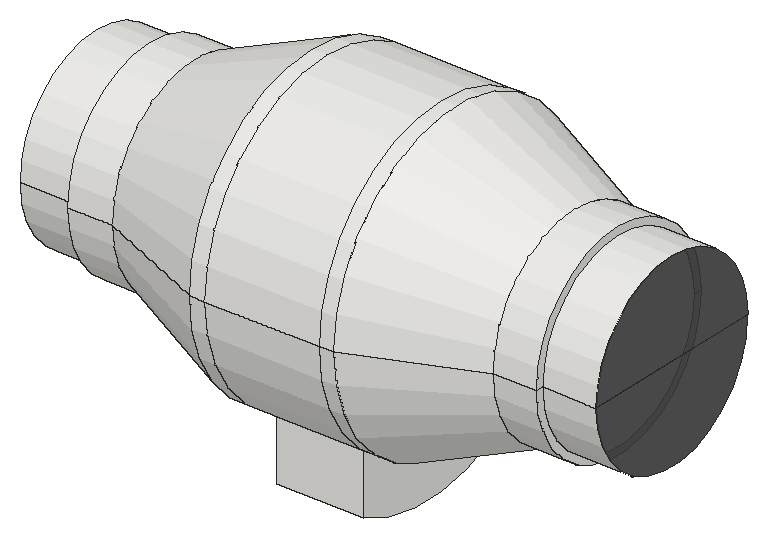
Revit family "HARMANN-Wentylator-Harmann-ML-EC-R_Wywiewny", category Wyposażenie mechaniczne, Revit 2022
Family settings
  Wymiar okrągłego złącza = Użyj średnicy
  Typ części = Dzieli na
  Oparty na płaszczyźnie roboczej = Nie
  Zawsze pionowo = Tak
  Tnij formami wycięć po wczytaniu = Nie
  Zachowaj orientację opisów = Nie
  Współdzielony = Nie
  Punkt obliczania pomieszczeń = Nie
Parameters (values of type "ML EC.R 100/280")
  wz_a0 = 88.5 mm
  wz [instance] = wz_a0  # 88.5 mm
  wy_a0 = 53.9 mm
  wy [instance] = wy_a0  # 53.9 mm
  wx_a0 = 0.0 mm
  wx [instance] = wx_a0  # 0.0 mm
  s1 = dn  # 100.0 mm
  n1_γ1 [instance] = Określ Kąt Obrotu Korpusu Wentylatora - rounddown(Określ Kąt Obrotu Korpusu Wentylatora / 360.00°) * 360.00°  # 0.00°
  l2_a0 = 119.0 mm
  l2 [instance] = l2_a0  # 119.0 mm
  l1_a0 = 119.0 mm
  l1 [instance] = l1_a0  # 119.0 mm
  dn = 100.0 mm
  Zasilanie Współczynnik Mocy = 0.35
  Zasilanie Rodzaj Sterowania = "Sterowanie napięciem 0-10V. Wbudowany potencjometr."
  Zasilanie Natężenie = 0.25 A
  Zasilanie Napięcie Nominalne = 230 V
  Zasilanie Moc Pozorna = 57.5 VA
  Zasilanie Moc = 20 W
  Zasilanie Konfiguracja Uzwojeń = "n/d"
  Zasilanie Ilość Faz = 1
  Zasilanie Częstotliwość Nominalna = 50 Hz
  Uwaga Użytkownika [instance] = ""
  Uwaga Układ [instance] = ""
  Uwaga Oznaczenie [instance] = ""
  Uwaga Ostrzeżenie [instance] = ""
  Typoszereg Symbol [instance] = "ML EC.R"  # constant formula
  Typoszereg Nazwa [instance] = "Wentylator Kanałowy ML EC.R"  # constant formula
  Systematyka Rodzaj = "Wentylator Kanałowy"  # constant formula
  Systematyka Klasa = "Wentylator"  # constant formula
  Systematyka Dziedzina = "Instalacje Wentylacyjne"  # constant formula
  Systematyka Branża = "Instalacje Sanitarne"  # constant formula
  Punkt Pracy Wentylatora Warunki Nominalne [instance] = "Parametry mechaniczne określone z uwzględnieniem dedykowanej regulacji"  # constant formula
  Prt Komponent N2 = GE-Komponent-ParaForma-Harmann-ML-N2a : 100/280
  Prt Komponent N1 = GE-Komponent-ParaForma-Harmann-ML-N1a : ML EC.R 100/280
  Producent URL = ""
  Producent Nazwa = "Harmann Polska Sp. z o.o."  # constant formula
  Powietrze Wywiewane Temperatura Rzeczywista Wylot [instance] = Podaj Rzeczywistą Temperaturę Powietrza  # -273.15 °C
  Powietrze Wywiewane Temperatura Rzeczywista Wlot [instance] = Podaj Rzeczywistą Temperaturę Powietrza  # -273.15 °C
  Powietrze Wywiewane Temperatura Maksymalna = 50.0 °C
  Powietrze Wywiewane Przepływ Rzeczywisty Wylot [instance] = Powietrze Wywiewane Przepływ Rzeczywisty Wlot  # 0 m³/h
  Powietrze Wywiewane Przepływ Rzeczywisty Wlot [instance] = 0 m³/h
  Powietrze Wywiewane Przepływ Nominalny = 150 m³/h
  Powietrze Wywiewane Przepływ Maksymalny = 280 m³/h
  Powietrze Wywiewane Poziom Mocy Akustycznej Rzeczywisty Wylot [instance] = Podaj Rzeczywisty Poziom Mocy Akustycznej na Wylocie  # 0
  Powietrze Wywiewane Poziom Mocy Akustycznej Rzeczywisty Wlot [instance] = Podaj Rzeczywisty Poziom Mocy Akustycznej na Wlocie  # 0
  Powietrze Wywiewane Poziom Mocy Akustycznej Nominalny Wylot = 53
  Powietrze Wywiewane Poziom Mocy Akustycznej Nominalny Wlot = 52
  Powietrze Wywiewane Ciśnienie Statyczne Rzeczywiste [instance] = 0.0 Pa
  Powietrze Wywiewane Ciśnienie Statyczne Nominalne = 60.0 Pa
  Powietrze Wywiewane Ciśnienie Statyczne Maksymalne = 160.0 Pa
  Podaj Rzeczywistą Temperaturę Powietrza [instance] = -273.15 °C
  Podaj Rzeczywistą Temperaturę Otoczenia [instance] = -273.15 °C
  Podaj Rzeczywisty Spręż Wentylatora [instance] = 0.0 Pa
  Podaj Rzeczywisty Poziom Mocy Akustycznej od Obudowy [instance] = 0
  Podaj Rzeczywisty Poziom Mocy Akustycznej na Wylocie [instance] = 0
  Podaj Rzeczywisty Poziom Mocy Akustycznej na Wlocie [instance] = 0
  Podaj Rzeczywiste Opory Instalacji [instance] = 0.0 Pa
  Otoczenie Temperatura Rzeczywista [instance] = Podaj Rzeczywistą Temperaturę Otoczenia  # -273.15 °C
  Otoczenie Temperatura Minimalna = -20.0 °C
  Otoczenie Temperatura Maksymalna = 50.0 °C
  Otoczenie Poziom Mocy Akustycznej Rzeczywisty Obudowa [instance] = Podaj Rzeczywisty Poziom Mocy Akustycznej od Obudowy  # 0
  Otoczenie Poziom Mocy Akustycznej Nominalny Obudowa = 42
  Otoczenie Poziom Ciśnienia Akustycznego Nominalny z 03 m = 35
  Otoczenie Poziom Ciśnienia Akustycznego Nominalny z 01 m = 38
  Keynote = "ML EC.R 100/280"
  Opis = "Kanałowy wentylator  EC z wbudowanym potencjometrem"
  Określ Kąt Obrotu Korpusu Wentylatora [instance] = 0.00°
  Object Version = "1.00"  # constant formula
  Object URL = ""
  Object Revit = "2017"  # constant formula
  Object Language = "PL"  # constant formula
  Object ID = "F000054RFAPL"  # constant formula
  Object Destination = "PL"  # constant formula
  Object Date = "2018.11.30"  # constant formula
  Model = "ML EC.R 100/280"
  Masa Netto = 2.0 kg
  Producent = "Harmann Polska Sp. z o.o."  # constant formula
  Kod Zamówienia = "ML EC.R 100/280"
  Kod Typoszereg = "ML EC.R"  # constant formula
  Kod Producent = "Harmann"  # constant formula
  Kod Numer Katalogowy = "01002801"
  IfcExportType = "NOTDEFINED"  # constant formula
  IfcExportAs = "IfcFanType"  # constant formula
  Domyślna rzędna = 0.0 mm
  Copyright URL = ""
  Copyright = "© Harmann Polska Sp. z o.o.  Wszelkie prawa zastrzeżone."
  Autor URL = ""
  Autor Nazwa = ""
Types (6, lengths in mm): name | wz_a0 | wz | s1 | l2_a0 | l2 | l1_a0 | l1 | dn | Zasilanie Współczynnik Mocy | Zasilanie Rodzaj Sterowania | Zasilanie Natężenie | Zasilanie Moc Pozorna | Zasilanie Moc | Prt Komponent N2 | Prt Komponent N1 | Powietrze Wywiewane Przepływ Nominalny | Powietrze Wywiewane Przepływ Maksymalny | Powietrze Wywiewane Poziom Mocy Akustycznej Nominalny Wylot | Powietrze Wywiewane Poziom Mocy Akustycznej Nominalny Wlot | Powietrze Wywiewane Ciśnienie Statyczne Nominalne | Powietrze Wywiewane Ciśnienie Statyczne Maksymalne | Otoczenie Poziom Mocy Akustycznej Nominalny Obudowa | Otoczenie Poziom Ciśnienia Akustycznego Nominalny z 03 m | Otoczenie Poziom Ciśnienia Akustycznego Nominalny z 01 m | Keynote | Model | Masa Netto | Kod Zamówienia | Kod Numer Katalogowy | Copyright
  ML EC.R 100/280 | 88.5 | 88.5 | 100.0 | 119.0 | 119.0 | 119.0 | 119.0 | 100.0 | 0.35 | "Sterowanie napięciem 0-10V. Wbudowany potencjometr." | 0.25 A | 57.5 VA | 20 W | GE-Komponent-ParaForma-Harmann-ML-N2a : 100/280 | GE-Komponent-ParaForma-Harmann-ML-N1a : ML EC.R 100/280 | 150 m³/h | 280 m³/h | 53 | 52 | 60.0 Pa | 160.0 Pa | 42 | 35 | 38 | "ML EC.R 100/280" | "ML EC.R 100/280" | 2.0 kg | "ML EC.R 100/280" | "01002801" | "© Harmann Polska Sp. z o.o.  Wszelkie prawa zastrzeżone."
  ML EC.R 125/300 | 88.5 | 88.5 | 125.0 | 99.5 | 99.5 | 99.5 | 99.5 | 125.0 | 0.21 | "Sterowanie napięciem 0-10V. Wbudowany potencjometr." | 0.27 A | 61 VA | 18 W | GE-Komponent-ParaForma-Harmann-ML-N2a : 125/300 | GE-Komponent-ParaForma-Harmann-ML-N1a : ML EC.R 125/300 | 200 m³/h | 300 m³/h | 55 | 55 | 50.0 Pa | 140.0 Pa | 41 | 34 | 37 | "ML EC.R 125/300" | "ML EC.R 125/300" | 1.8 kg | "ML EC.R 125/300" | "01253001" | "© Harmann Polska Sp. z o.o.  Wszelkie prawa zastrzeżone."
  ML EC.R 150-160/530 | 99.5 | 99.5 | 160.0 | 145.0 | 145.0 | 145.0 | 145.0 | 160.0 | 0.62 | "Sterowanie napięciem 0-10V. Wbudowanz potencjometr" | 0.35 A | 80 VA | 50 W | GE-Komponent-ParaForma-Harmann-ML-N2a : 150-160/530 | GE-Komponent-ParaForma-Harmann-ML-N1a : ML EC.R 150-160/530 | 350 m³/h | 530 m³/h | 58 | 55 | 80.0 Pa | 350.0 Pa | 43 | 36 | 439 | "ML EC.R 150-160/550" | "ML EC.R 150-160/550" | 2.7 kg | "ML EC.R 150-160/550" | "01505301" | "© Harmann Polska Sp. z o.o. Wszelkie prawa zastrzeżone."
  ML EC.R 200/1150 | 111.0 | 111.0 | 200.0 | 120.0 | 120.0 | 120.0 | 120.0 | 200.0 | 0.68 | "Sterowanie napięciem 0-10V. Wbudowany potencjometr." | 1.05 A | 241 VA | 165 W | GE-Komponent-ParaForma-Harmann-ML-N2a : 200/1150 | GE-Komponent-ParaForma-Harmann-ML-N1a : ML EC.R 200/1150 | 700 m³/h | 1100 m³/h | 62 | 60 | 100.0 Pa | 450.0 Pa | 48 | 41 | 44 | "ML EC.R 200/950" | "ML EC.R 200/950" | 4.3 kg | "ML EC.R 200/950" | "02001151" | "© Harmann Polska Sp. z o.o. Wszelkie prawa zastrzeżone."
  ML EC.R 250/1650 | 111.0 | 111.0 | 250.0 | 159.5 | 159.5 | 159.5 | 159.5 | 250.0 | 0.42 | "Sterowanie napięciem 0-10V. Wbudowany potencjometr." | 2.7 A | 614 VA | 255 W | GE-Komponent-ParaForma-Harmann-ML-N2a : 250/1650 | GE-Komponent-ParaForma-Harmann-ML-N1a : ML EC.R 250/1650 | 900 m³/h | 1600 m³/h | 60 | 59 | 120.0 Pa | 600.0 Pa | 51 | 44 | 47 | "ML EC.R 250/1650" | "ML EC.R 250/1650" | 6.5 kg | "ML EC.R 250/1650" | "02501651" | "© Harmann Polska Sp. z o.o.  Wszelkie prawa zastrzeżone."
  ML EC.R 315/2100 | 157.5 | 157.5 | 315.0 | 177.0 | 177.0 | 177.0 | 177.0 | 315.0 | 0.41 | "Sterowanie napięciem 0-10V. Wbudowany potencjometr." | 2.7 A | 621 VA | 254 W | GE-Komponent-ParaForma-Harmann-ML-N2a : 315/2100 | GE-Komponent-ParaForma-Harmann-ML-N1a : ML EC.R 315/2100 | 1000 m³/h | 2100 m³/h | 64 | 61 | 150.0 Pa | 700.0 Pa | 54 | 47 | 50 | "ML EC.R 315/2100" | "ML EC.R 315/2100" | 8.5 kg | "ML EC.R 315/2100" | "03152101" | "© Harmann Polska Sp. z o.o. Wszelkie prawa zastrzeżone."
Reference planes
  plane 1 "XZC00": y = 0
  plane 2 "XYC00": z = 0
  plane 3 "YZC00": x = 0
  plane 4 "YZN99": x = -1000
  plane 5 "XZN99": y = -1000
  plane 6 "XYP99": z = 1000
  plane 7 "XYN99": z = -1000
  plane 8 "YZP99": x = 1000
  plane 9 "XZP99": y = 1000
  plane 10 "XZP01": y = 0
  plane 11 "YZP01": x = 0
  plane 12 "XYP01": z = 0
  plane 13 "YZP41": x = 0
Lines and regions (mm)
  reference lines
    curve 1: line (0, -100, 0) -> (0, 0, 0)
    curve 2: line (0, 0, 0) -> (0, 0, -100)
    curve 3: line (-119, 0, 0) -> (0, 0, 0)
    curve 4: line (0, 0, 0) -> (119, 0, 0)
    curve 5: line (0, 0, -88.5) -> (0, 0, 0)
    curve 6: line (0, 0, -88.5) -> (0, 53.9, -88.5)
Dimensions and locks
  locked: curve 1 to curve 1 at 100
  locked: curve 2 to curve 2 at 100
  "l1": curve 3 to plane 11 "YZP01"
  "l2": plane 11 "YZP01" to curve 4
  "wz": curve 5 to curve 5
  "wy": curve 5 to curve 6
  "wx": plane 11 "YZP01" to plane 13 "YZP41"
  "n1_γ1": angle curve 1 to plane 12 "XYP01"
  "n1_γ1": angle nested 1 to plane 12 "XYP01"
  "n1_γ1": angle curve 2 to plane 10 "XZP01"
  "n1_γ1": angle curve 5 to plane 10 "XZP01"
  "n1_γ1": angle curve 6 to plane 12 "XYP01"
  aligned and locked: level to plane 2 "XYC00"
  aligned and locked: nested 1 to curve 1
  aligned and locked: plane 12 "XYP01" to curve 2
  aligned and locked: plane 10 "XZP01" to curve 2
  aligned and locked: nested 1 to curve 2
  aligned and locked: plane 3 "YZC00" to plane 11 "YZP01"
  aligned and locked: plane 10 "XZP01" to plane 1 "XZC00"
  aligned and locked: plane 12 "XYP01" to plane 2 "XYC00"
  aligned and locked: curve 3 to plane 10 "XZP01"
  aligned and locked: plane 11 "YZP01" to curve 4
  aligned and locked: curve 4 to plane 10 "XZP01"
  aligned and locked: plane 12 "XYP01" to curve 5
  aligned and locked: plane 10 "XZP01" to curve 5
  aligned and locked: plane 12 "XYP01" to nested 2
  aligned and locked: plane 10 "XZP01" to nested 2
  aligned and locked: plane 11 "YZP01" to nested 2
Nested families
  nested 1: "GE-Komponent-ParaForma-Harmann-ML-N1a" at (0, 0, 0), type <- "Prt Komponent N1", type "ML EC.R 100/280"
    with p3_w1 42.0 mm, p3_r2 89.0 mm, p3_h2 100.0 mm, p1_w5 100.0 mm, p1_w3 123.0 mm, p1_w1 151.2 mm, p1_h7 80.5 mm, p1_h6 80.5 mm, p1_h4 53.9 mm, p1_h2 50.0 mm
  nested 2: "GE-Symbol-ParaForma-Harmann-Wentylator-Kanałowy" at (0, 0, 0), l1 <- "l1", l2 <- "l2", s <- "s1", type "Harmann"
    with s100 100.0 mm, s075 75.0 mm, s050 50.0 mm, s025 25.0 mm, s000 75.0 mm, s 100.0 mm, l2_a1 119.0 mm, l2_a0 50.0 mm, l2 119.0 mm, l1_a1 119.0 mm, l1_a0 50.0 mm, l1 119.0 mm, Vis YP yes, Vis XP no, Vis XN no, Podłączenie Indeks 1
Connectors
  hvac at (-119, 0, 0), driven by "Powietrze Wywiewane Przepływ Rzeczywisty Wlot", driven by "dn"
    settings: on curve 3, index 1, duct flow 0 m³/h, flow factor 0, pres drop 0.0 Pa, loss coef 0, conn angle 0.00°, conn width 250 mm, conn height 250 mm, conn diameter 100 mm, duct sys type 29, conn prof type 0, flow config 0, flow direction 1, loss method 0, conn ref index -1, conn util no, is conn primary yes, conn desc ""
  hvac at (119, 0, 0), driven by "Powietrze Wywiewane Przepływ Rzeczywisty Wylot", driven by "dn"
    settings: on curve 4, index 2, duct flow 0 m³/h, flow factor 0, pres drop 0.0 Pa, loss coef 0, conn angle 0.00°, conn width 250 mm, conn height 250 mm, conn diameter 100 mm, duct sys type 29, conn prof type 0, flow config 1, flow direction 2, loss method 0, conn ref index -1, conn util no, is conn primary no, conn desc ""
  electrical at (0, 53.9, -88.5), driven by "Zasilanie Napięcie Nominalne", driven by "Zasilanie Moc Pozorna", driven by "Zasilanie Współczynnik Mocy", driven by "Zasilanie Ilość Faz"
    settings: on curve 6, index 3, voltage 230 V, apparent load 57.5 VA, apparent load phase1 0 VA, apparent load phase2 0 VA, apparent load phase3 0 VA, power factor 0.35, load classification "HVAC", number of poles 1, system type 30, power factor state 1, is connector primary yes, connector utility no, sub classification motor no, connector description ""
Definition of nested family "GE-Komponent-ParaForma-Harmann-ML-N1a"
  Parameters (values of type "160/550")
    p3_w1 = 55.0 mm
    p3_r2 = 100.0 mm
    p3_l2 = 22.9 mm
    p3_h2 = 121.5 mm
    p1_w7 = 30.3 mm
    p1_w6 = 37.9 mm
    p1_w5 = 123.0 mm
    p1_w3 = 133.3 mm
    p1_w1 = 175.0 mm
    p1_h7 = 100.0 mm
    p1_h6 = 94.6 mm
    p1_h4 = 83.9 mm
    p1_h2 = 80.0 mm
    Vis Komponent = yes
    Producent URL = "http://www.paraforma.pl/M0003PL"
    Producent Nazwa = "Harmann Polska Sp. z o.o."  # constant formula
    Object Version = "1.00"  # constant formula
    Object Revit = "2017"  # constant formula
    Object Language = "PL"  # constant formula
    Object Destination = "PL"  # constant formula
    Object Date = "2018.11.30"  # constant formula
    Manufacturer = "Harmann Polska Sp. z o.o."  # constant formula
    Default Elevation = 0.0 mm
    Copyright URL = "http://www.paraforma.pl/copyright"
    Copyright = "© Harmann Polska Sp. z o.o. & ParaForma Bartosz Pawłowski. Wszelkie prawa zastrzeżone."  # constant formula
    Autor URL = "http://www.paraforma.pl/"
    Autor Nazwa = "ParaForma Bartosz Pawłowski"  # constant formula
  Types (8, lengths in mm): name | p3_r2 | p3_h2 | p1_w5 | p1_w3 | p1_w1 | p1_h7 | p1_h6 | p1_h4 | p1_h2
    100/300 | 89.0 | 105.0 | 97.0 | 107.3 | 149.0 | 89.0 | 83.6 | 53.9 | 50.0
    100/300T | 89.0 | 105.0 | 97.0 | 107.3 | 149.0 | 89.0 | 83.6 | 53.9 | 50.0
    125/350 | 89.0 | 105.0 | 77.5 | 87.8 | 129.5 | 89.0 | 83.9 | 66.4 | 62.5
    150/550 | 100.0 | 121.5 | 123.0 | 133.3 | 175.0 | 100.0 | 94.9 | 78.9 | 75.0
    150/550T | 100.0 | 121.5 | 123.0 | 133.3 | 175.0 | 100.0 | 94.9 | 78.9 | 75.0
    160/550 | 100.0 | 121.5 | 123.0 | 133.3 | 175.0 | 100.0 | 94.6 | 83.9 | 80.0
    160/550T | 100.0 | 121.5 | 123.0 | 133.3 | 175.0 | 100.0 | 94.6 | 83.9 | 80.0
    200/950 | 111.5 | 131.5 | 98.0 | 108.3 | 150.0 | 111.5 | 106.1 | 103.9 | 100.0
  Reference planes
    plane 1 "XZC00": y = 0
    plane 2 "XYC00": z = 0
    plane 3 "YZC00": x = 0
    plane 4 "YZN99": x = -1000
    plane 5 "XZN99": y = -1000
    plane 6 "XYP99": z = 1000
    plane 7 "XYN99": z = -1000
    plane 8 "YZP99": x = 1000
    plane 9 "XZP99": y = 1000
    plane 10 "XZC01": y = 0
    plane 11 "YZC01": x = 0
    plane 12 "XYC01": z = 0
    plane 13 "XZC02": y = 0
    plane 14 "YZC02": x = 0
    plane 15 "XYC02": z = 0
  Forms (mm)
    Revolve 1, solid, detail levels fine
      sketch origin (0, 0, 0) x (1, 0, 0) y (0, 1, 0)
        loop
          line (-175, 0) -> (175, 0) -> (175, 80) -> (133.3, 80) -> (133.3, 83.9) -> (123, 83.9) -> (37.9, 94.6) -> (30.3, 100) -> (-30.3, 100) -> (-37.9, 94.6) -> (-123, 83.9) -> (-133.3, 83.9) -> (-133.3, 80) -> (-175, 80) -> (-175, 0)
        axis (-175, 0) -> (175, 0)
      angle from 0 to 360
    Sweep 2, solid, detail levels fine
      path origin (0, 0, 0) x (1, 0, 0) y (0, 1, 0)
        loop
          line (-22.9, 0) -> (22.9, 0)
      profile origin (0, 0, 0) x (0, 1, 0) y (0, 0, 1)
        loop
          line (55, 0) -> (-55, 0) -> (-55, -121.5)
          arc (-55, -121.5) -> (0, -137.984) -> (55, -121.5) r 100
          line (55, -121.5) -> (55, 0)
    Revolve 3, solid, detail levels medium
      sketch origin (3000, 0, 0) x (1, 0, 0) y (0, 1, 0)
        loop
          line (-3175, 0) -> (-2825, 0) -> (-2825, 80) -> (-2866.7, 80) -> (-2866.7, 83.9) -> (-2969.7, 100) -> (-3030.3, 100) -> (-3133.3, 83.9) -> (-3133.3, 80) -> (-3175, 80) -> (-3175, 0)
        axis (-3175, 0) -> (-2825, 0)
      angle from 0 to 360
  Cuts and joins
    joined: Revolve 1, Sweep 2
  Dimensions and locks
    "p1_w1": Revolve 1 sketch curve to plane 11 "YZC01"  (x2)
    "p1_w1": plane 11 "YZC01" to Revolve 1 sketch curve  (x2)
    "p1_w7": Revolve 1 sketch curve to plane 11 "YZC01"
    "p1_w7": plane 11 "YZC01" to Revolve 1 sketch curve
    "p1_w3": Revolve 1 sketch curve to plane 11 "YZC01"
    "p1_w3": plane 11 "YZC01" to Revolve 1 sketch curve
    "p1_h7": Revolve 1 sketch curve to plane 10 "XZC01"
    "p1_h2": plane 10 "XZC01" to Revolve 1 sketch curve  (x2)
    "p1_h4": plane 10 "XZC01" to Revolve 1 sketch curve  (x2)
    "p1_w5": Revolve 1 sketch curve to plane 11 "YZC01"
    "p1_w5": plane 11 "YZC01" to Revolve 1 sketch curve
    "p1_h6": Revolve 1 sketch curve to plane 10 "XZC01"  (x2)
    "p1_w6": Revolve 1 sketch curve to plane 11 "YZC01"
    "p1_w6": plane 11 "YZC01" to Revolve 1 sketch curve
    "p3_l2": Sweep 2 sketch curve to plane 11 "YZC01"
    "p3_l2": plane 11 "YZC01" to Sweep 2 sketch curve
    "p3_w1": Sweep 2 sketch curve to profile plane
    "p3_w1": profile plane to Sweep 2 sketch curve
    "p3_h2": profile plane to Sweep 2 sketch curve  (x2)
    "p1_w1": Revolve 3 sketch curve to plane 14 "YZC02"  (x2)
    "p1_w1": plane 14 "YZC02" to Revolve 3 sketch curve  (x2)
    "p1_w7": Revolve 3 sketch curve to plane 14 "YZC02"
    "p1_w7": plane 14 "YZC02" to Revolve 3 sketch curve
    "p1_w3": Revolve 3 sketch curve to plane 14 "YZC02"
    "p1_w3": plane 14 "YZC02" to Revolve 3 sketch curve
    "p1_h7": Revolve 3 sketch curve to plane 13 "XZC02"
    "p1_h2": plane 13 "XZC02" to Revolve 3 sketch curve  (x2)
    "p3_r2": radius of Sweep 2 sketch curve
    aligned and locked: level to plane 2 "XYC00"
    aligned and locked: Revolve 1 sketch curve to plane 10 "XZC01"  (x2)
    aligned and locked: plane 2 "XYC00" to plane 12 "XYC01"
    aligned and locked: plane 3 "YZC00" to plane 11 "YZC01"
    aligned and locked: plane 10 "XZC01" to plane 1 "XZC00"
    aligned and locked: Sweep 2 sketch curve to plane 10 "XZC01"
    aligned and locked: profile plane to Sweep 2 sketch curve
    aligned and locked: Revolve 3 sketch curve to plane 13 "XZC02"  (x2)
    aligned and locked: plane 13 "XZC02" to plane 1 "XZC00"
    aligned and locked: plane 14 "YZC02" to plane 3 "YZC00"
  Automatic sketch dimensions
    Revolve 3 sketch curve to Revolve 3 sketch curve = 3.9 mm  (x2)
Definition of nested family "GE-Symbol-ParaForma-Harmann-Wentylator-Kanałowy"
  Parameters (values of type "Harmann")
    s100 [instance] = s * 1  # 100.0 mm
    s075 [instance] = s * 0.75  # 75.0 mm
    s050 [instance] = s * 0.5  # 50.0 mm
    s025 [instance] = s * 0.25  # 25.0 mm
    s000 [instance] = 75.0 mm
    s [instance] = 100.0 mm
    l2_a1 [instance] = if(l2 = s / 2, l2 + 1.0 mm, l2)  # 100.0 mm
    l2_a0 [instance] = s / 2  # 50.0 mm
    l2 [instance] = 100.0 mm
    l1_a1 [instance] = if(l1 = s / 2, l1 + 1.0 mm, l1)  # 100.0 mm
    l1_a0 [instance] = s / 2  # 50.0 mm
    l1 [instance] = 100.0 mm
    Vis YP [instance] = Podłączenie Indeks = 1  # yes
    Vis XP [instance] = Podłączenie Indeks = 2  # no
    Vis XN [instance] = Podłączenie Indeks = 3  # no
    Vis Komponent = yes
    Producent URL = "http://www.paraforma.pl/M0003PL"
    Producent Nazwa = "Harmann Polska Sp. z o.o."  # constant formula
    Podłączenie Indeks [instance] = 1
    Object Version = "1.00"  # constant formula
    Object Revit = "2017"  # constant formula
    Object Language = "PL"  # constant formula
    Object Destination = "PL"  # constant formula
    Object Date = "2018.11.30"  # constant formula
    Manufacturer = "Harmann Polska Sp. z o.o."  # constant formula
    Default Elevation = 0.0 mm
    Copyright URL = "http://www.paraforma.pl/copyright"
    Copyright = "© Harmann Polska Sp. z o.o. & ParaForma Bartosz Pawłowski. Wszelkie prawa zastrzeżone."  # constant formula
    Autor URL = "http://www.paraforma.pl/"
    Autor Nazwa = "ParaForma Bartosz Pawłowski"  # constant formula
  Reference planes
    plane 1 "XZC00": y = 0
    plane 2 "XYC00": z = 0
    plane 3 "YZC00": x = 0
    plane 4 "YZN99": x = -1000
    plane 5 "XZN99": y = -1000
    plane 6 "XYP99": z = 1000
    plane 7 "XYN99": z = -1000
    plane 8 "YZP99": x = 1000
    plane 9 "XZP99": y = 1000
    plane 10 "XZC01": y = 0
    plane 11 "YZC01": x = 0
    plane 12 "XYC01": z = 0
  Lines and regions (mm)
    model lines, visible <- "Vis YP", detail levels coarse
      curve 1: line (-25, -43.301, 0) -> (-25, 43.301, 0)
      curve 2: line (50, 0, 0) -> (-25, 43.301, 0)
      curve 3: line (50, 0, 0) -> (-25, -43.301, 0)
      curve 10: line (50, 0, 0) -> (100, 0, 0)
    model lines, visible <- "Vis XP", detail levels coarse
      curve 4: line (43.301, -25, 0) -> (-43.301, -25, 0)
      curve 5: line (0, 50, 0) -> (-43.301, -25, 0)
      curve 6: line (0, 50, 0) -> (43.301, -25, 0)
      curve 11: line (0, 50, 0) -> (0, 100, 0)
    model lines, visible <- "Vis XN", detail levels coarse
      curve 7: line (-43.301, 25, 0) -> (43.301, 25, 0)
      curve 8: line (0, -50, 0) -> (43.301, 25, 0)
      curve 9: line (0, -50, 0) -> (-43.301, 25, 0)
      curve 12: line (0, -50, 0) -> (0, -100, 0)
    model lines, detail levels coarse
      curve 13: line (-100, 0, 0) -> (-50, 0, 0)
      curve 14: circle (0, 0, 0) r 50 normal (0, 0, 1)
    symbolic lines, detail levels coarse
      curve 15: line (-25, 0, -43.301) -> (-25, 0, 43.301)
      curve 16: line (-25, 0, -43.301) -> (50, 0, 0)
      curve 17: line (50, 0, 0) -> (-25, 0, 43.301)
      curve 18: line (-100, 0, 0) -> (-50, 0, 0)
      curve 20: circle (0, 0, 0) r 50 normal (0, 1, 0)
    symbolic lines, visible <- "Vis YP", detail levels coarse
      curve 19: line (50, 0, 0) -> (100, 0, 0)
    symbolic lines, visible <- "Vis XP", detail levels coarse
      curve 21: line (0, 0, 0) -> (0, 100, 0)
    symbolic lines, visible <- "Vis XN", detail levels coarse
      curve 22: line (0, 0, 0) -> (0, -100, 0)
  Dimensions and locks
    "s025": curve 1 to plane 11 "YZC01"
    "s025": curve 2 to plane 11 "YZC01"
    "s050": curve 1 to plane 11 "YZC01"
    "s050": curve 2 to plane 11 "YZC01"
    "s025": plane 11 "YZC01" to curve 3
    "s050": curve 3 to plane 11 "YZC01"
    "s025": plane 11 "YZC01" to curve 6
    "s050": curve 5 to plane 11 "YZC01"
    "s025": curve 5 to plane 11 "YZC01"
    "s050": curve 4 to plane 11 "YZC01"
    "s025": plane 11 "YZC01" to curve 4
    "s050": curve 6 to plane 11 "YZC01"
    "s025": plane 11 "YZC01" to curve 7
    "s050": curve 9 to plane 11 "YZC01"
    "s025": plane 11 "YZC01" to curve 9
    "s025": curve 8 to plane 11 "YZC01"
    "s050": curve 8 to plane 11 "YZC01"
    "s050": curve 7 to plane 11 "YZC01"
    "l1_a1": curve 13 to plane 11 "YZC01"
    "l1_a0": curve 13 to plane 11 "YZC01"
    "l2_a1": plane 10 "XZC01" to curve 12
    "l2_a0": plane 10 "XZC01" to curve 12
    "l2_a0": plane 11 "YZC01" to curve 10
    "l2_a1": plane 11 "YZC01" to curve 10
    "l2_a1": curve 11 to plane 10 "XZC01"
    "l2_a0": curve 11 to plane 10 "XZC01"
    "s025": plane 12 "XYC01" to curve 15
    "s050": curve 15 to plane 12 "XYC01"
    "s025": curve 16 to plane 12 "XYC01"
    "s050": curve 16 to plane 12 "XYC01"
    "s025": curve 17 to plane 12 "XYC01"
    "s050": curve 17 to plane 12 "XYC01"
    "l1_a1": plane 11 "YZC01" to curve 18
    "l1_a0": plane 11 "YZC01" to curve 18
    "l2_a0": curve 19 to plane 11 "YZC01"
    "l2_a1": curve 19 to plane 11 "YZC01"
    "l2_a1": curve 21 to plane 10 "XZC01"
    "l2_a1": plane 10 "XZC01" to curve 22
    "s100": diameter of curve 14
    "s100": diameter of curve 20
    aligned and locked: level to plane 2 "XYC00"
    aligned and locked: plane 3 "YZC00" to plane 11 "YZC01"
    aligned and locked: plane 10 "XZC01" to plane 1 "XZC00"
    aligned and locked: plane 12 "XYC01" to plane 2 "XYC00"
    aligned and locked: plane 11 "YZC01" to curve 14
    aligned and locked: plane 10 "XZC01" to curve 14
    aligned and locked: curve 13 to plane 10 "XZC01"
    aligned and locked: plane 11 "YZC01" to curve 11
    aligned and locked: curve 10 to plane 10 "XZC01"
    aligned and locked: curve 12 to plane 11 "YZC01"
    aligned and locked: plane 11 "YZC01" to curve 20
    aligned and locked: plane 12 "XYC01" to curve 20
    aligned and locked: curve 19 to plane 12 "XYC01"
    aligned and locked: curve 18 to plane 12 "XYC01"
    aligned and locked: curve 22 to plane 12 "XYC01"
    aligned and locked: plane 10 "XZC01" to curve 21
